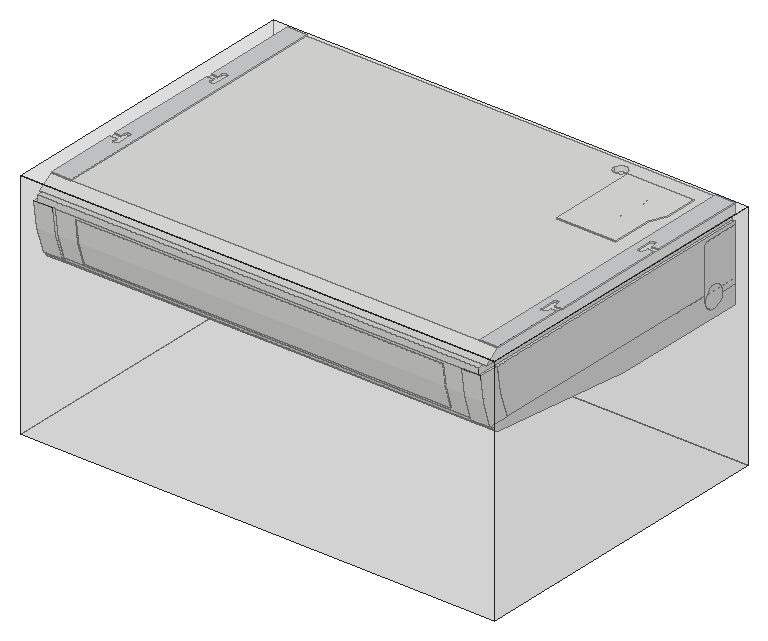
Revit family "outputfile", category 機械設備, Revit 2024
Family settings
  丸型コネクタ寸法 = 半径を使用
  パーツ タイプ = 標準
  OmniClass 番号 = 23.75.10.24.21.27.27
  OmniClass タイトル = Split System Air Conditioning Units
  作業面ベース = いいえ
  常に垂直 = はい
  ロード時にボイドで切り取り = いいえ
  注釈の向きを維持 = いいえ
  共有 = いいえ
  部屋計算ポイント = はい
Parameters (values of type "FXHQ32MAVE")
  Description = ""
  製造元 = "Daikin"
  書き出し IFC クラス(タイプ) = "IfcUnitaryEquipmentType"
  定義済み IFC タイプ(タイプ) = "AIRCONDITIONINGUNIT"
  Cost = 0
  モデル = "FXHQ32MAVE"
  Type Comments = ""
  Keynote = ""
  Type Image = (empty or 0)
  Assembly Code = ""
  r_Liquid Pipe Size = Liquid Pipe Size / 2  # 3.2 mm
  r_Gas Pipe Size = Gas Pipe Size / 2  # 6.35 mm
  r_Drain Pipe Size = Drain Pipe Size / 2  # 10.0 mm
  lw_Air suction grille = if(Width = 960.0 mm, (960.0 mm - 40.7 mm * 2) / 2 - 2.0 mm, if(Width = 1160.0 mm, (1160.0 mm - 40.7 mm * 2) / 2 - 2.0 mm, if(Width = 1400.0 mm, (1400.0 mm - 40.7 mm * 2) / 3, (960.0 mm - 40.7 mm * 2) / 2 - 2.0 mm)))  # 437.3 mm
  l_powersupply [instance] = if(Rear Right Connection_powersupply, 30.0 mm, 145.0 mm)  # 30.0 mm
  h_mountinghole = 2.0 mm  # constant formula
  angle_vertical_powersupply [instance] = if(Rear Right Connection_powersupply, 90.00°, 180.00°)  # 90.00°
  angle_vertical_drainpipe [instance] = if(or(Left Connection_drainpipe, Right Connection_drainpipe), 90.00°, if(Top Connection_drainpipe, 180.00°, -90.00°))  # -90.00°
  angle_horizontal_powersupply [instance] = if(Rear Right Connection_powersupply, 180.00°, 0.00°)  # 180.00°
  angle_horizontal_drainpipe [instance] = if(Right Connection_drainpipe, 90.00°, if(Left Connection_drainpipe, -90.00°, 0.00°))  # 0.00°
  Voltage_comment_60Hz = "220"
  Voltage_comment_50Hz = "220-240"
  Voltage_60Hz = 220 V
  Voltage_50Hz = 220 V
  URL = ""
  Top Connection_refrigerant [instance] = no
  Top Connection_powersupply [instance] = not(Rear Right Connection_powersupply)  # no
  Sound Power Level_H speed (dB) = 0
  Right Connection_refrigerant [instance] = no
  Rear Right Connection_refrigerant [instance] = yes
  Phase_60Hz = 1
  Phase_50Hz = 1
  Minimum Circuit Amps_60Hz = 0.9 A
  Minimum Circuit Amps_50Hz = 0.8 A
  Maximum Fuse Amps_60Hz = 15.0 A
  Maximum Fuse Amps_50Hz = 15.0 A
  Material_Casing = DAIKIN_White_Casing_indoorunit
  lw_powersupply [instance] = 220.0 mm  # constant formula
  lw_mountinghole = 20.0 mm  # constant formula
  lw_liquidpipe [instance] = if(not(Top Connection_refrigerant), 120.0 mm, 170.0 mm)  # 120.0 mm
  lw_gaspipe = 105.0 mm  # constant formula
  lw_drainpipe [instance] = if(Top Connection_drainpipe, 90.0 mm, if(or(Rear Left Connection_drainpipe, Left Connection_drainpipe), Width - 80.0 mm, 100.0 mm))  # 100.0 mm
  lh_powersupply = 145.0 mm  # constant formula
  lh_liquidpipe [instance] = if(Rear Right Connection_refrigerant, 110.0 mm, 90.0 mm)  # 110.0 mm
  lh_gaspipe [instance] = if(Rear Right Connection_refrigerant, 100.0 mm, 90.0 mm)  # 100.0 mm
  lh_drainpipe = 155.0 mm  # constant formula
  l_antena = 1.0 mm  # constant formula
  ld_powersupply = 30.0 mm  # constant formula
  ld_mountinghole_pitch = 260.0 mm  # constant formula
  ld_mountinghole = 210.0 mm  # constant formula
  ld_liquidpipe [instance] = if(Right Connection_refrigerant, 55.0 mm, if(Top Connection_refrigerant, 185.0 mm, 225.0 mm))  # 225.0 mm
  ld_gaspipe [instance] = if(Right Connection_refrigerant, 65.0 mm, if(Top Connection_refrigerant, 160.0 mm, 225.0 mm))  # 225.0 mm
  ld_drainpipe [instance] = if(or(Left Connection_drainpipe, Right Connection_drainpipe), 55.0 mm, if(Top Connection_drainpipe, 85.0 mm, 275.0 mm))  # 275.0 mm
  l_liquidpipe_length [instance] = if(Right Connection_refrigerant, 120.0 mm, if(Top Connection_refrigerant, 90.0 mm, 225.0 mm))  # 225.0 mm
  l_gaspipe_length [instance] = if(Right Connection_refrigerant, 105.0 mm, if(Top Connection_refrigerant, 90.0 mm, 225.0 mm))  # 225.0 mm
  l_drainpipe_length [instance] = if(Right Connection_drainpipe, 100.0 mm, if(Top Connection_drainpipe, 155.0 mm, if(Left Connection_drainpipe, 80.0 mm, 275.0 mm)))  # 275.0 mm
  h*** = 0.0 mm  # constant formula
  angle_vertical [instance] = if(Right Connection_refrigerant, 90.00°, if(Top Connection_refrigerant, 180.00°, -90.00°))  # -90.00°
  angle_horizontal [instance] = if(Right Connection_refrigerant, 90.00°, 0.00°)  # 0.00°
  Width = 960.0 mm
  Version = "ver.1.0"
  Unit Type = "Ceiling Suspended Type"
  Unit Mass Weight = 24.00 kg
  Unit Designation [instance] = ""
  Uniclass2015Version = "Products v1.30"
  Uniclass2015Title = "Variable refrigerant flow units"
  Uniclass2015Code = "Pr_70_65_03_94"
  Total Heating Capacity [instance] = 0.000 kW
  Total Cooling Capacity [instance] = 0.000 kW
  Top Connection_drainpipe [instance] = no
  Sound Pressure Level_M speed (dBA) = 0
  Sound Pressure Level_L speed (dBA) = 31
  Sound Pressure Level_H speed (dBA) = 36
  Series = "VRV Fan Coil Unit"
  Sensible Cooling Capacity [instance] = 0.000 kW
  Rear Right Connection_drainpipe [instance] = yes
  Rear Right Connection_powersupply [instance] = yes
  Right Connection_drainpipe [instance] = no
  Refrigerant Type = "R410A"
  Power Input (Heating) = 0.111 kW
  Power Input (Cooling) = 0.111 kW
  Option Accessory 3 [instance] = ""
  Option Accessory 2 [instance] = ""
  Option Accessory 1 [instance] = ""
  Nominal Heating Capacity = 4.000 kW
  Nominal Cooling Capacity = 3.600 kW
  Minimum Airflow = 600.00 m³/h
  Median Airflow = 0.00 m³/h
  Maximum Airflow = 720.00 m³/h
  Load Classification = HVAC
  Liquid Pipe Size = 6.4 mm
  Link_Nested Family [instance] = ""
  Rear Left Connection_drainpipe [instance] = no
  Left Connection_drainpipe [instance] = no
  IfcVersion = "0"
  IfcExportType = "AIRCONDITIONINGUNIT"
  IfcExportAs = "IfcUnitaryEquipmentType"
  Height = 195.0 mm
  Heating Entering Wet Bulb Temperature [instance] = 0.00 °C
  Heating Entering Dry Bulb Temperature [instance] = 0.00 °C
  Heating Ambient Wet Bulb Temperature [instance] = 0.00 °C
  Heating Ambient Dry Bulb Temperature [instance] = 0.00 °C
  Heat Exchanger Type = "Cross Fin Coil"
  Gas Pipe Size = 12.7 mm
  Frequency_60Hz = 60 Hz
  Frequency_50Hz = 50 Hz
  Fan Type = "Sirocco Fan"
  Fan Drive = "Direct Drive"
  FCU Tag No. [instance] = ""
  Drain Pipe Size = 20.0 mm
  Design Supply Airflow [instance] = 0.00 m³/h
  Design Outdoor Airflow [instance] = 0.00 m³/h
  Depth = 680.0 mm
  既定の高さ = 0.0 mm
  Cooling Entering Wet Bulb Temperature [instance] = 0.00 °C
  Cooling Entering Dry Bulb Temperature [instance] = 0.00 °C
  Cooling Ambient Wet Bulb Temperature [instance] = 0.00 °C
  Cooling Ambient Dry Bulb Temperature [instance] = 0.00 °C
  Clearance visibility [instance] = yes
  Clearance Top = 5.0 mm
  Clearance Right = 30.0 mm
  Clearance Rear = 0.0 mm
  Clearance Left = 30.0 mm
  Clearance Front = 0.0 mm
  Clearance Bottom = 300.0 mm
Reference planes
  plane 1 "Back": y = 0
  plane 2: z = 0
  plane 3 "Center (Left/Right)": x = 0
  plane 4 "Center (Front/Back)": y = -340
  plane 5 "Front": y = -680
  plane 6 "Left": x = -480
  plane 7 "Right": x = 480
  plane 8 "Top": z = 0
  plane 9 "Bottom": z = -195
  plane 10: y = -680
  plane 11: x = -510
  plane 12: x = 510
  plane 13: z = 5
  plane 14: z = -495
  plane 15: y = 0
  plane 16 "lw_mountinghole": x = -460
  plane 17 "lw_mountinghole2": x = 460
  plane 18 "ld_mountinghole": y = -210
  plane 19 "ld_mountinghole2": y = -470
  plane 20 "lw_gaspipe": x = 375
  plane 21 "ld_gaspipe": y = -225
  plane 22 "lw_liquidpipe": x = 360
  plane 23 "ld_liquidpipe": y = -225
  plane 24 "ld_drainpipe": y = -275
  plane 25 "lw_drainpipe": x = 380
  plane 26 "lw_powersupply": x = 260
  plane 27 "ld_powersupply": y = -30
  plane 28: x = -2
  plane 29: x = 2
  plane 30 "40.7": x = 439.3
  plane 31: x = -439.3
  plane 32 "lh_gaspipe": z = -100
  plane 33 "lh_liquidpipe": z = -110
  plane 34 "lh_drainpipe": z = -155
  plane 35 "lh_powersupply": z = -145
Forms (mm)
  Extrusion 1, solid, material "DAIKIN_White_Casing_indoorunit" <- "Material_Casing"
    sketch origin (0, 0, 0) x (0, 1, 0) y (0, 0, 1)
      loop
        line (0, 0) -> (-633.9, 0) -> (-664.9, -20) -> (0, -20) -> (0, 0)
    from -480 to 480
  Extrusion 2, solid, material "DAIKIN_White_Casing_indoorunit" <- "Material_Casing"
    sketch origin (0, 0, 0) x (0, 1, 0) y (0, 0, 1)
      loop
        line (0, -20) -> (-678.4, -20) -> (-678.4, -33) -> (0, -33) -> (0, -20)
    from -474 to 474
  Extrusion 3, solid, material "DAIKIN_White_Casing_indoorunit" <- "Material_Casing"
    sketch origin (0, 0, 0) x (0, 1, 0) y (0, 0, 1)
      loop
        line (0, -33) -> (-638.389, -33)
        arc (-638.389, -33) -> (-629.305, -88.783) -> (-610.271, -142) r 310.829
        line (-610.271, -142) -> (0, -142) -> (0, -33)
    from -480 to 480
  Extrusion 4, solid, material "DAIKIN_White_Casing_indoorunit" <- "Material_Casing"
    sketch origin (-480, 0, 0) x (0, 1, 0) y (0, 0, 1)
      loop
        line (0, -142) -> (-651.893, -142) -> (-647.876, -149.065)
        arc (-647.876, -149.065) -> (-641.446, -155.91) -> (-632.601, -159.063) r 19.989
        line (-632.601, -159.063) -> (-300.211, -194.208)
        arc (-300.211, -194.208) -> (-292.706, -194.802) -> (-285.179, -195) r 142.962
        line (-285.179, -195) -> (0, -195) -> (0, -142)
    from 0 to 40.7
  Extrusion 5, solid, material "DAIKIN_White_Casing_indoorunit" <- "Material_Casing"
    sketch origin (480, 0, 0) x (0, 1, 0) y (0, 0, 1)
      loop
        line (-638.389, -33) -> (-680.077, -33)
        arc (-680.077, -33) -> (-672.921, -88.644) -> (-655.583, -142) r 301.599
        line (-655.583, -142) -> (-610.271, -142)
        arc (-610.271, -142) -> (-629.305, -88.783) -> (-638.389, -33) r 310.829
    from 0 to -40.7
  Extrusion 6, solid, material "DAIKIN_White_Casing_indoorunit" <- "Material_Casing"
    sketch origin (-480, 0, 0) x (0, 1, 0) y (0, 0, 1)
      loop
        line (-655.583, -142) -> (-610.271, -142)
        arc (-610.271, -142) -> (-629.305, -88.783) -> (-638.389, -33) r 310.829
        line (-638.389, -33) -> (-680.077, -33)
        arc (-680.077, -33) -> (-672.921, -88.644) -> (-655.583, -142) r 301.599
    from 0 to 40.7
  Extrusion 7, solid, material "DAIKIN_White_Grille_indoorunit"
    sketch origin (0, 0, 0) x (0, 1, 0) y (0, 0, 1)
      loop
        line (0, -190) -> (-273.138, -190) -> (-273.138, -195) -> (0, -195) -> (0, -190)
    from -2 to 2
  Extrusion 8, solid, material "DAIKIN_White_Grille_indoorunit"
    sketch origin (0, 0, 0) x (0, 1, 0) y (0, 0, 1)
      loop
        line (0, -190) -> (-273.138, -190) -> (-273.138, -195) -> (0, -195) -> (0, -190)
    from -439.3 to -2
  Extrusion 9, solid, material "DAIKIN_White_Grille_indoorunit"
    sketch origin (0, 0, 0) x (0, 1, 0) y (0, 0, 1)
      loop
        line (0, -190) -> (-273.138, -190) -> (-273.138, -195) -> (0, -195) -> (0, -190)
    from 2 to 439.3
  Extrusion 10, solid
    sketch origin (0, 0, 0) x (-1, 0, 0) y (0, -1, 0)
      loop
        line (454, 196) -> (454, 224)
        arc (454, 224) -> (460, 230) -> (466, 224) r 6
        line (466, 224) -> (466, 216) -> (480, 216) -> (480, 464) -> (466, 464) -> (466, 456)
        arc (466, 456) -> (460, 450) -> (454, 456) r 6
        line (454, 456) -> (454, 484.69)
        arc (454, 484.69) -> (460, 490.04) -> (466, 484.69) r 6.04
        line (466, 484.69) -> (466, 476) -> (480, 476) -> (480, 633.9) -> (439.3, 633.9) -> (439.3, 0) -> (480, 0) -> (480, 204) -> (466, 204) -> (466, 196)
        arc (466, 196) -> (460, 190) -> (454, 196) r 6
      loop
        arc (-454, 196) -> (-460, 190) -> (-466, 196) r 6
        line (-466, 196) -> (-466, 204) -> (-480, 204) -> (-480, 0) -> (-439.3, 0) -> (-439.3, 633.9) -> (-480, 633.9) -> (-480, 476) -> (-466, 476) -> (-466, 484.69)
        arc (-466, 484.69) -> (-460, 490.04) -> (-454, 484.69) r 6.04
        line (-454, 484.69) -> (-454, 456)
        arc (-454, 456) -> (-460, 450) -> (-466, 456) r 6
        line (-466, 456) -> (-466, 464) -> (-480, 464) -> (-480, 216) -> (-466, 216) -> (-466, 224)
        arc (-466, 224) -> (-460, 230) -> (-454, 224) r 6
        line (-454, 224) -> (-454, 196)
    from 0 to 2
  Extrusion 11, solid, material "DAIKIN_White_Casing_indoorunit" <- "Material_Casing"
    sketch origin (0, 0, 0) x (0, 1, 0) y (0, 0, 1)
      loop
        line (-651.659, -142) -> (-610.271, -142)
        arc (-610.271, -142) -> (-629.305, -88.783) -> (-638.389, -33) r 310.829
        line (-638.389, -33) -> (-676.476, -33)
        arc (-676.476, -33) -> (-669.224, -88.674) -> (-651.659, -142) r 298
    from -439.3 to 439.3
  Extrusion 12, void
    sketch origin (0, 0, 0) x (0, 1, 0) y (0, 0, 1)
      loop
        arc (-676.086, -41) -> (-669.058, -89.401) -> (-654.207, -136) r 298
        line (-654.207, -136) -> (-645.465, -136)
        arc (-645.465, -136) -> (-660.075, -89.305) -> (-667.848, -41) r 340.829
        line (-667.848, -41) -> (-676.086, -41)
    from -394.3 to 394.3
  Extrusion 13, solid, material "DAIKIN_White_Casing_indoorunit" <- "Material_Casing"
    sketch origin (0, 0, 0) x (0, 1, 0) y (0, 0, 1)
      loop
        line (-667.848, -41) -> (-676.086, -41)
        arc (-676.086, -41) -> (-669.058, -89.401) -> (-654.207, -136) r 298
        line (-654.207, -136) -> (-645.465, -136)
        arc (-645.465, -136) -> (-660.075, -89.305) -> (-667.848, -41) r 340.829
    from -394.3 to 394.3
  Extrusion 14, solid, material "DAIKIN_White_Casing_indoorunit" <- "Material_Casing"
    sketch origin (0, 0, 0) x (1, 0, 0) y (0, 0, 1)
      loop
        line (275, -60) -> (275, -125) -> (355, -175) -> (420, -175) -> (420, -60) -> (275, -60)
    from 0 to 1
  Extrusion 15, void
    sketch origin (0, 0, 0) x (1, 0, 0) y (0, 0, 1)
      loop
        circle (375, -130) r 40
    from 0 to 10
  Extrusion 16, void
    sketch origin (0, 0, 0) x (1, 0, 0) y (0, 0, 1)
      loop
        arc (-410, -135) -> (-430, -155) -> (-410, -175) r 20
        line (-410, -175) -> (-390, -175)
        arc (-390, -175) -> (-370, -155) -> (-390, -135) r 20
        line (-390, -135) -> (-410, -135)
    from 0 to 10
  Extrusion 17, solid, material "DAIKIN_White_Casing_indoorunit" <- "Material_Casing"
    sketch origin (0, 0, 0) x (-1, 0, 0) y (0, -1, 0)
      loop
        line (-280, 36) -> (-280, 228) -> (-407, 228) -> (-407, 138) -> (-422, 106) -> (-422, 36) -> (-280, 36)
    from 0 to 1.9
  Extrusion 18, solid, material "DAIKIN_White_Casing_indoorunit" <- "Material_Casing"
    sketch origin (480, 0, 0) x (0, 1, 0) y (0, 0, 1)
      loop
        arc (-75, -40) -> (-78.536, -41.464) -> (-80, -45) r 5
        line (-80, -45) -> (-80, -155) -> (0, -155) -> (0, -40) -> (-75, -40)
    from 0 to -2
  Extrusion 19, solid, material "DAIKIN_White_Casing_indoorunit" <- "Material_Casing"
    sketch origin (480, 0, 0) x (0, 1, 0) y (0, 0, 1)
      loop
        circle (-55, -155) r 22.5
    from 0 to -2
  Extrusion 20, void
    sketch origin (0, 0, 0) x (1, 0, 0) y (0, 0, 1)
      loop
        line (420, -60) -> (275, -60) -> (275, -125) -> (355, -175) -> (420, -175) -> (420, -60)
    from 0 to 1
  Extrusion 21, solid, material "DAIKIN_White_Casing_indoorunit" <- "Material_Casing"
    sketch origin (-480, 0, 0) x (0, 1, 0) y (0, 0, 1)
      loop
        circle (-55, -155) r 22.5
    from 0 to 2
  Extrusion 22, void
    sketch origin (0, 0, 0) x (-1, 0, 0) y (0, -1, 0)
      loop
        circle (-390, 85) r 30
      loop
        circle (-375, 160) r 18
      loop
        circle (-310, 185) r 13
    from 0 to -10
  Extrusion 23, solid, material "DAIKIN_White_Casing_indoorunit" <- "Material_Casing"
    sketch origin (0, 0, 0) x (0, 1, 0) y (0, 0, 1)
      loop
        line (-632.601, -159.063) -> (-300.211, -194.208)
        arc (-300.211, -194.208) -> (-292.706, -194.802) -> (-285.179, -195) r 142.962
        line (-285.179, -195) -> (-273.138, -195) -> (-273.138, -190) -> (0, -190) -> (0, -142) -> (-651.893, -142) -> (-647.876, -149.065)
        arc (-647.876, -149.065) -> (-641.446, -155.91) -> (-632.601, -159.063) r 19.989
    from -439.3 to 439.3
  Extrusion 24, solid, material "DAIKIN_White_Casing_indoorunit" <- "Material_Casing"
    sketch origin (480, 0, 0) x (0, 1, 0) y (0, 0, 1)
      loop
        line (-632.601, -159.063) -> (-300.211, -194.208)
        arc (-300.211, -194.208) -> (-292.706, -194.802) -> (-285.179, -195) r 142.962
        line (-285.179, -195) -> (0, -195) -> (0, -142) -> (-651.893, -142) -> (-647.876, -149.065)
        arc (-647.876, -149.065) -> (-641.446, -155.91) -> (-632.601, -159.063) r 19.989
    from 0 to -40.7
  Extrusion 25, void
    sketch origin (0, 0, 0) x (-1, 0, 0) y (0, -1, 0)
      loop
        circle (-260, 30) r 14.5
    from 0 to -10
  Extrusion 26, void
    sketch origin (0, 0, 0) x (1, 0, 0) y (0, 0, 1)
      loop
        circle (260, -145) r 14.5
    from 0 to 10
Cuts and joins
  Extrusion 12 cuts Extrusion 11
  Extrusion 15, Extrusion 16, Extrusion 20, Extrusion 26 cuts Extrusion 3
  Extrusion 22, Extrusion 25 cuts Extrusion 1
  Extrusion 15, Extrusion 16, Extrusion 20, Extrusion 26 cuts Extrusion 23
Dimensions and locks
  equal spacing: plane 6 "Left", plane 3 "Center (Left/Right)", plane 7 "Right"
  "Width": plane 6 "Left" to plane 7 "Right"
  "Depth": plane 5 "Front" to plane 1 "Back"
  "Height": plane 8 "Top" to plane 9 "Bottom"
  "Clearance Front": plane 10 to plane 5 "Front"
  "Clearance Left": plane 11 to plane 6 "Left"
  "Clearance Right": plane 7 "Right" to plane 12
  "Clearance Top": plane 13 to plane 8 "Top"
  "Clearance Bottom": plane 9 "Bottom" to plane 14
  "Clearance Rear": plane 1 "Back" to plane 15
  "ld_mountinghole": plane 18 "ld_mountinghole" to plane 1 "Back"
  "ld_mountinghole_pitch": plane 18 "ld_mountinghole" to plane 19 "ld_mountinghole2"
  "lw_mountinghole": plane 6 "Left" to plane 16 "lw_mountinghole"
  "lw_gaspipe": plane 20 "lw_gaspipe" to plane 7 "Right"
  "ld_gaspipe": plane 1 "Back" to plane 21 "ld_gaspipe"
  "lw_liquidpipe": plane 22 "lw_liquidpipe" to plane 7 "Right"
  "ld_liquidpipe": plane 1 "Back" to plane 23 "ld_liquidpipe"
  "lw_drainpipe": plane 25 "lw_drainpipe" to plane 7 "Right"
  "ld_drainpipe": plane 24 "ld_drainpipe" to plane 1 "Back"
  "lw_powersupply": plane 26 "lw_powersupply" to plane 7 "Right"
  "ld_powersupply": plane 1 "Back" to plane 27 "ld_powersupply"
  "lw_mountinghole": plane 17 "lw_mountinghole2" to plane 7 "Right"
  equal spacing: plane 5 "Front", plane 4 "Center (Front/Back)", plane 1 "Back"
  locked: Extrusion 1 sketch curve to Extrusion 1 sketch curve at 20
  locked: Extrusion 1 sketch curve to Extrusion 1 sketch curve at 633.9
  locked: Extrusion 1 sketch curve to Extrusion 1 sketch curve at 664.9
  locked: Extrusion 2 sketch curve to Extrusion 2 sketch curve at 13
  locked: Extrusion 2 sketch curve to Extrusion 2 sketch curve at 678.4
  locked: plane 6 "Left" to Extrusion 2 at 6
  locked: plane 7 "Right" to Extrusion 2 at 6
  locked: Extrusion 3 sketch curve to Extrusion 3 sketch curve at 610.271
  locked: Extrusion 3 sketch curve to Extrusion 3 sketch curve at 638.389
  locked: Extrusion 3 sketch curve to Extrusion 3 sketch curve at 328.329
  locked: plane 8 "Top" to Extrusion 3 sketch curve at 11.143
  locked: plane 30 "40.7" to plane 7 "Right" at 40.7
  locked: plane 6 "Left" to plane 31 at 40.7
  "lw_Air suction grille": plane 31 to plane 28
  "lw_Air suction grille": plane 29 to plane 30 "40.7"
  locked: Extrusion 10 sketch curve to Extrusion 10 sketch curve at 12  (x4)
  equal spacing: Extrusion 10 sketch curve, plane 18 "ld_mountinghole", Extrusion 10 sketch curve  (x2)
  equal spacing: Extrusion 10 sketch curve, plane 19 "ld_mountinghole2", Extrusion 10 sketch curve  (x2)
  Extrusion 10 sketch curve to plane 19 "ld_mountinghole2" to Extrusion 10 sketch curve = 14.0 mm locked, 14.0 mm locked  (x2)
  Extrusion 10 sketch curve to plane 18 "ld_mountinghole" to Extrusion 10 sketch curve = 14.0 mm locked, 14.0 mm locked  (x2)
  locked: Extrusion 10 sketch curve to Extrusion 10 sketch curve at 633.9  (x2)
  locked: plane 31 to Extrusion 12 at 45
  locked: Extrusion 12 to plane 30 "40.7" at 45
  locked: Extrusion 14 sketch curve to Extrusion 14 sketch curve at 115
  locked: Extrusion 14 sketch curve to Extrusion 14 sketch curve at 145
  locked: Extrusion 14 sketch curve to Extrusion 14 sketch curve at 65  (x2)
  locked: plane 8 "Top" to Extrusion 14 sketch curve at 60
  locked: Extrusion 14 sketch curve to plane 7 "Right" at 60
  locked: plane 7 "Right" to Extrusion 15 sketch curve at 105
  locked: plane 8 "Top" to Extrusion 15 sketch curve at 130
  locked: Extrusion 16 sketch curve to plane 6 "Left" at 70
  plane 8 "Top" to Extrusion 16 sketch curve to Extrusion 16 sketch curve = 135.0 mm locked, 40.0 mm locked
  locked: Extrusion 16 sketch curve to Extrusion 16 sketch curve at 20
  Extrusion 17 sketch curve to Extrusion 17 sketch curve to plane 7 "Right" = 142.0 mm locked, 58.0 mm locked
  Extrusion 17 sketch curve to Extrusion 17 sketch curve to plane 1 "Back" = 192.0 mm locked, 36.0 mm locked
  locked: Extrusion 17 sketch curve to Extrusion 17 sketch curve at 127
  locked: Extrusion 17 sketch curve to Extrusion 17 sketch curve at 90
  plane 8 "Top" to Extrusion 18 sketch curve to Extrusion 18 sketch curve = 40.0 mm locked, 115.0 mm locked
  locked: Extrusion 18 sketch curve to Extrusion 18 sketch curve at 80
  locked: Extrusion 19 sketch curve to plane 1 "Back" at 55
  locked: plane 8 "Top" to Extrusion 19 sketch curve at 155
  locked: Extrusion 21 sketch curve to plane 1 "Back" at 55
  locked: plane 8 "Top" to Extrusion 21 sketch curve at 155
  locked: Extrusion 22 sketch curve to plane 7 "Right" at 90
  locked: Extrusion 22 sketch curve to plane 1 "Back" at 85
  locked: Extrusion 22 sketch curve to plane 7 "Right" at 105
  locked: Extrusion 22 sketch curve to plane 1 "Back" at 160
  locked: Extrusion 22 sketch curve to plane 7 "Right" at 170
  locked: Extrusion 22 sketch curve to plane 1 "Back" at 185
  locked: Extrusion 5 sketch curve to Extrusion 5 sketch curve at 109
  "lh_powersupply": plane 8 "Top" to plane 35 "lh_powersupply"
  "lh_liquidpipe": plane 8 "Top" to plane 33 "lh_liquidpipe"
  "lh_gaspipe": plane 8 "Top" to plane 32 "lh_gaspipe"
  "lh_drainpipe": plane 8 "Top" to plane 34 "lh_drainpipe"
  locked: Extrusion 4 sketch curve to plane 1 "Back" at 285.179
  locked: Extrusion 4 sketch curve to Extrusion 4 sketch curve at 53
  locked: Extrusion 9 sketch curve to plane 1 "Back" at 273.138
  locked: Extrusion 8 sketch curve to plane 1 "Back" at 273.138
  locked: Extrusion 7 sketch curve to plane 1 "Back" at 273.138
  locked: Extrusion 25 sketch curve to plane 1 "Back" at 30
  locked: Extrusion 25 sketch curve to plane 7 "Right" at 220
  locked: plane 7 "Right" to Extrusion 26 sketch curve at 220
  locked: plane 8 "Top" to Extrusion 26 sketch curve at 145
  locked: nested 10 to plane 7 "Right" at 120
  aligned and locked: level to plane 2
  aligned and locked: nested 2 to plane 18 "ld_mountinghole"
  aligned and locked: plane 16 "lw_mountinghole" to nested 2
  aligned and locked: nested 1 to plane 19 "ld_mountinghole2"
  aligned and locked: plane 16 "lw_mountinghole" to nested 1
  aligned and locked: nested 4 to plane 18 "ld_mountinghole"
  aligned and locked: plane 17 "lw_mountinghole2" to nested 4
  aligned and locked: plane 17 "lw_mountinghole2" to nested 3
  aligned and locked: nested 3 to plane 19 "ld_mountinghole2"
  aligned and locked: plane 1 "Back" to Extrusion 1 sketch curve
  aligned and locked: plane 8 "Top" to Extrusion 1 sketch curve
  aligned and locked: Extrusion 1 to plane 6 "Left"
  aligned and locked: plane 7 "Right" to Extrusion 1
  aligned and locked: Extrusion 2 sketch curve to Extrusion 1  (x2)
  aligned and locked: plane 1 "Back" to Extrusion 3 sketch curve
  aligned and locked: Extrusion 3 to plane 6 "Left"
  aligned and locked: plane 7 "Right" to Extrusion 3
  aligned and locked: plane 1 "Back" to Extrusion 4 sketch curve
  aligned and locked: Extrusion 4 to plane 6 "Left"
  aligned and locked: Extrusion 5 sketch curve to Extrusion 3
  aligned and locked: Extrusion 5 to Extrusion 6 sketch curve
  aligned and locked: Extrusion 6 sketch curve to Extrusion 5  (x2)
  aligned and locked: Extrusion 7 to plane 28
  aligned and locked: plane 29 to Extrusion 7
  aligned and locked: plane 28 to Extrusion 8
  aligned and locked: Extrusion 8 to plane 31
  aligned and locked: Extrusion 9 sketch curve to Extrusion 7  (x3)
  aligned and locked: Extrusion 9 to plane 29
  aligned and locked: plane 30 "40.7" to Extrusion 9
  aligned and locked: plane 16 "lw_mountinghole" to Extrusion 10 sketch curve  (x4)
  aligned and locked: Extrusion 10 sketch curve to plane 31
  aligned and locked: plane 6 "Left" to Extrusion 10 sketch curve  (x3)
  aligned and locked: plane 1 "Back" to Extrusion 10 sketch curve
  aligned and locked: Extrusion 5 to Extrusion 11 sketch curve
  aligned and locked: Extrusion 11 sketch curve to Extrusion 5
  aligned and locked: plane 30 "40.7" to Extrusion 11
  aligned and locked: Extrusion 11 to plane 31
  aligned and locked: Extrusion 12 sketch curve to Extrusion 11
  aligned and locked: Extrusion 13 sketch curve to cut or joined group of Extrusion 11, Extrusion 12  (x4)
  aligned and locked: Extrusion 13 to cut or joined group of Extrusion 11, Extrusion 12  (x2)
  aligned and locked: plane 15 to nested 5
  aligned and locked: nested 5 to plane 11
  aligned and locked: nested 5 to plane 10
  aligned and locked: nested 5 to plane 12
  aligned and locked: plane 13 to nested 5
  aligned and locked: plane 14 to nested 5
  aligned and locked: plane 1 "Back" to Extrusion 18 sketch curve
  aligned and locked: Extrusion 20 sketch curve to Extrusion 14  (x5)
  aligned and locked: Extrusion 5 sketch curve to Extrusion 2
  aligned and locked: plane 20 "lw_gaspipe" to nested 6
  aligned and locked: nested 6 to plane 21 "ld_gaspipe"
  aligned and locked: plane 22 "lw_liquidpipe" to nested 7
  aligned and locked: nested 7 to plane 23 "ld_liquidpipe"
  aligned and locked: plane 25 "lw_drainpipe" to nested 8
  aligned and locked: nested 8 to plane 24 "ld_drainpipe"
  aligned and locked: Extrusion 4 sketch curve to plane 9 "Bottom"
  aligned and locked: Extrusion 23 sketch curve to Extrusion 4  (x3)
  aligned and locked: Extrusion 4 to Extrusion 23 sketch curve
  aligned and locked: Extrusion 23 sketch curve to Extrusion 9  (x2)
  aligned and locked: Extrusion 23 to plane 31
  aligned and locked: plane 30 "40.7" to Extrusion 23
  aligned and locked: Extrusion 24 sketch curve to Extrusion 4  (x4)
  aligned and locked: Extrusion 24 to plane 30 "40.7"
  aligned and locked: plane 26 "lw_powersupply" to nested 9
  aligned and locked: nested 9 to plane 27 "ld_powersupply"
  aligned and locked: nested 10 to Extrusion 24
  aligned and locked: level to plane 8 "Top"
Automatic sketch dimensions
  Extrusion 3 sketch curve to plane 8 "Top" = 33.0 mm
  Extrusion 7 sketch curve to plane 9 "Bottom" = 0.0 mm
  Extrusion 7 sketch curve to plane 1 "Back" = 0.0 mm
  plane 9 "Bottom" to Extrusion 7 sketch curve = 5.0 mm
  Extrusion 8 sketch curve to plane 9 "Bottom" = 0.0 mm
  Extrusion 8 sketch curve to plane 1 "Back" = 0.0 mm
  plane 9 "Bottom" to Extrusion 8 sketch curve = 5.0 mm
  Extrusion 5 sketch curve to plane 5 "Front" = 24.417 mm
  plane 1 "Back" to Extrusion 10 sketch curve = 0.0 mm
  Extrusion 10 sketch curve to plane 7 "Right" = 0.0 mm  (x3)
  Extrusion 10 sketch curve to plane 17 "lw_mountinghole2" = 0.0 mm  (x4)
  Extrusion 10 sketch curve to plane 30 "40.7" = 0.0 mm
  plane 17 "lw_mountinghole2" to Extrusion 10 sketch curve = 6.0 mm  (x2)
  Extrusion 10 sketch curve to Extrusion 10 sketch curve = 6.0 mm  (x2)
  plane 16 "lw_mountinghole" to Extrusion 10 sketch curve = 6.0 mm  (x2)
  Extrusion 10 sketch curve to Extrusion 10 sketch curve = 0.69 mm  (x2)
  Extrusion 11 sketch curve to plane 5 "Front" = 28.341 mm
  Extrusion 11 sketch curve to plane 5 "Front" = 3.524 mm
  Extrusion 11 sketch curve to plane 8 "Top" = 22.519 mm
  Extrusion 12 sketch curve to plane 5 "Front" = 34.535 mm
  Extrusion 12 sketch curve to Extrusion 12 sketch curve = 8.742 mm
  Extrusion 12 sketch curve to plane 5 "Front" = 12.152 mm
  Extrusion 12 sketch curve to plane 5 "Front" = 3.914 mm
  Extrusion 12 sketch curve to plane 8 "Top" = 11.143 mm
  Extrusion 17 sketch curve to Extrusion 17 sketch curve = 32.0 mm
  Extrusion 18 sketch curve to Extrusion 18 sketch curve = 5.0 mm
  Extrusion 11 sketch curve to plane 8 "Top" = 33.0 mm
  plane 9 "Bottom" to Extrusion 4 sketch curve = 0.792 mm
  Extrusion 4 sketch curve to Extrusion 4 sketch curve = 15.032 mm
  Extrusion 4 sketch curve to plane 34 "lh_drainpipe" = 4.063 mm
  plane 34 "lh_drainpipe" to Extrusion 4 sketch curve = 5.935 mm
  Extrusion 4 sketch curve to Extrusion 4 sketch curve = 4.017 mm
  plane 9 "Bottom" to Extrusion 23 sketch curve = 0.792 mm
  Extrusion 23 sketch curve to Extrusion 23 sketch curve = 2.102 mm
  Extrusion 23 sketch curve to Extrusion 23 sketch curve = 4.017 mm
  plane 34 "lh_drainpipe" to Extrusion 23 sketch curve = 5.935 mm
  plane 9 "Bottom" to Extrusion 24 sketch curve = 0.792 mm
  Extrusion 24 sketch curve to Extrusion 24 sketch curve = 2.102 mm
  Extrusion 24 sketch curve to Extrusion 24 sketch curve = 4.017 mm
  plane 34 "lh_drainpipe" to Extrusion 24 sketch curve = 5.935 mm
  Extrusion 5 sketch curve to plane 8 "Top" = 22.519 mm
  plane 5 "Front" to Extrusion 5 sketch curve = 0.077 mm
  plane 5 "Front" to Extrusion 6 sketch curve = 0.077 mm
  radius of Extrusion 15 sketch curve = 40.0 mm
  radius of Extrusion 19 sketch curve = 22.5 mm
  radius of Extrusion 21 sketch curve = 22.5 mm
  radius of Extrusion 22 sketch curve = 30.0 mm
  radius of Extrusion 22 sketch curve = 18.0 mm
  radius of Extrusion 22 sketch curve = 13.0 mm
  radius of Extrusion 25 sketch curve = 14.5 mm
  radius of Extrusion 26 sketch curve = 14.5 mm
Nested families
  nested 1: "daikin_mountinghole" at (-460, -470, 0), l_antenna <- "l_antena", Link_Nested Family <- "Link_Nested Family", h_mountinghole <- "h_mountinghole", type "daikin_mountinghole"
    with show yes, l_antenna 1.0 mm, h_mountinghole 2.0 mm, Link_Nested Family ""
  nested 2: "daikin_mountinghole" at (-460, -210, 0), l_antenna <- "l_antena", Link_Nested Family <- "Link_Nested Family", h_mountinghole <- "h_mountinghole", type "daikin_mountinghole"
    with show yes, l_antenna 1.0 mm, h_mountinghole 2.0 mm, Link_Nested Family ""
  nested 3: "daikin_mountinghole" at (460, -470, 0), l_antenna <- "l_antena", Link_Nested Family <- "Link_Nested Family", h_mountinghole <- "h_mountinghole", type "daikin_mountinghole"
    with show yes, l_antenna 1.0 mm, h_mountinghole 2.0 mm, Link_Nested Family ""
  nested 4: "daikin_mountinghole" at (460, -210, 0), Link_Nested Family <- "Link_Nested Family", l_antenna <- "l_antena", h_mountinghole <- "h_mountinghole", type "daikin_mountinghole"
    with show yes, l_antenna 1.0 mm, h_mountinghole 2.0 mm, Link_Nested Family ""
  nested 5: "daikin_clearancespace" at (0, -340, -244.881), show <- "Clearance visibility", visible <- "Clearance visibility", Link_Nested Family <- "Link_Nested Family", type "daikin_clearancespace"
    with width 1020.0 mm, show yes, height 500.0 mm, depth 680.0 mm, Link_Nested Family ""
  nested 6: "daikin_connector_rotate3" at (375, -225, -100), radius <- "r_Gas Pipe Size", length <- "l_gaspipe_length", angle_vertical <- "angle_vertical", angle_horizontal <- "angle_horizontal", type "daikin_connector_rotate3"
    with show no, radius 6.35 mm, length 225.0 mm, angle_vertical -90.00°, angle_horizontal 0.00°
  nested 7: "daikin_connector_rotate3" at (360, -225, -110), radius <- "r_Liquid Pipe Size", length <- "l_liquidpipe_length", angle_vertical <- "angle_vertical", angle_horizontal <- "angle_horizontal", type "daikin_connector_rotate3"
    with show no, radius 3.2 mm, length 225.0 mm, angle_vertical -90.00°, angle_horizontal 0.00°
  nested 8: "daikin_connector_rotate3" at (380, -275, -155), radius <- "r_Drain Pipe Size", length <- "l_drainpipe_length", angle_vertical <- "angle_vertical_drainpipe", angle_horizontal <- "angle_horizontal_drainpipe", type "daikin_connector_rotate3"
    with show no, radius 10.0 mm, length 275.0 mm, angle_vertical -90.00°, angle_horizontal 0.00°
  nested 9: "daikin_connector_rotate3" at (260, -30, -145), angle_vertical <- "angle_vertical_powersupply", angle_horizontal <- "angle_horizontal_powersupply", length <- "l_powersupply", type "daikin_connector_rotate3"
    with show no, radius 10.0 mm, length 30.0 mm, angle_vertical 90.00°, angle_horizontal 180.00°
  nested 10: "daikin_logo_plane_w40" at (360, -594.246, -163.119) x (1, 0, 0) z (0, -0.1051, -0.9945), type "daikin_logo_plane_w40"
    with show_logo yes
Connectors
  piping at (380, 0, -155), diameter 20, driven by "r_Drain Pipe Size"
    settings: on nested 8, index 1, connector inside diameter 609.6 mm, connector length 0.0 mm, flow factor 0, pipe flow 0.00 m³/h, pressure drop 0.0 Pa, fitting loss kfactor 0, connector angle 0.00°, fixture units 0, engagement length 0.0 mm, angle of deflection 0.00°, flow configuration 1, flow direction 2, fitting loss method 4, system type 16, joint type 0, gender type 0, connector reference index -1, connector utility 0, adjustable connector no, is connector primary yes, connector description "Condensate Drain Piping"
  piping at (375, 0, -100), diameter 12.7, driven by "r_Gas Pipe Size"
    settings: on nested 6, index 2, connector inside diameter 609.6 mm, connector length 0.0 mm, flow factor 0, pipe flow 0.00 m³/h, pressure drop 0.0 Pa, fitting loss kfactor 0, connector angle 0.00°, fixture units 0, engagement length 0.0 mm, angle of deflection 0.00°, flow configuration 1, flow direction 2, fitting loss method 0, system type 29, joint type 0, gender type 0, connector reference index -1, connector utility 0, adjustable connector no, is connector primary no, connector description "Refrigerant Gas Piping"
  piping at (360, 0, -110), diameter 6.4, driven by "r_Liquid Pipe Size"
    settings: on nested 7, index 3, connector inside diameter 609.6 mm, connector length 0.0 mm, flow factor 0, pipe flow 0.00 m³/h, pressure drop 0.0 Pa, fitting loss kfactor 0, connector angle 0.00°, fixture units 0, engagement length 0.0 mm, angle of deflection 0.00°, flow configuration 1, flow direction 1, fitting loss method 0, system type 29, joint type 0, gender type 0, connector reference index -1, connector utility 0, adjustable connector no, is connector primary no, connector description "Refrigerant Liquid Piping"
  electrical at (260, 0, -145), driven by "Load Classification"
    settings: on nested 9, index 4, voltage 0 V, apparent load 0 VA, apparent load phase1 0 VA, apparent load phase2 0 VA, apparent load phase3 0 VA, power factor 1, load classification "HVAC", number of poles 1, system type 30, power factor state 1, is connector primary yes, connector utility no, sub classification motor no, connector description "Power Supply"
Definition of nested family "daikin_clearancespace"
  Parameters (values of type "daikin_clearancespace")
    width [instance] = 1823.963 mm
    show [instance] = yes
    material = none
    height [instance] = 1359.762 mm
    depth [instance] = 880.0 mm
    Default Elevation = 0.0 mm
    Link_Nested Family [instance] = ""
  Reference planes
    plane 1 "Center (Front/Back)": y = 0
    plane 2 "Center (Elevation)": z = -0.119
    plane 3 "Center (Left/Right)": x = 0
    plane 4: y = 440
    plane 5: y = -440
    plane 6 "Right": x = 911.982
    plane 7 "Left": x = -911.982
    plane 8 "Top": z = 679.762
    plane 9 "Bottom": z = -680
  Forms (mm)
    Extrusion 1, solid, material <- "material", visible <- "show"
      sketch origin (0, 0, 0) x (1, 0, 0) y (0, 1, 0)
        loop
          line (-911.982, 440) -> (-911.982, -440) -> (911.982, -440) -> (911.982, 440) -> (-911.982, 440)
      from -680 to 679.762
  Lines and regions (mm)
    symbolic lines, visible <- "show"
      curve 1: line (911.982, 440, 0) -> (-911.982, 440, 0)
      curve 2: line (-911.982, 440, 0) -> (-911.982, -440, 0)
      curve 3: line (-911.982, -440, 0) -> (911.982, -440, 0)
      curve 4: line (911.982, -440, 0) -> (911.982, 440, 0)
      curve 5: line (911.982, 0, 679.762) -> (-911.982, 0, 679.762)
      curve 6: line (911.982, 0, -680) -> (911.982, 0, 679.762)
      curve 7: line (-911.982, 0, -680) -> (911.982, 0, -680)
      curve 8: line (-911.982, 0, 679.762) -> (-911.982, 0, -680)
      curve 9: line (0, 440, 679.762) -> (0, -440, 679.762)
      curve 10: line (0, -440, 679.762) -> (0, -440, -680)
      curve 11: line (0, 440, -680) -> (0, 440, 679.762)
      curve 12: line (0, -440, -680) -> (0, 440, -680)
  Dimensions and locks
    "width": plane 7 "Left" to plane 6 "Right"
    "depth": plane 4 to plane 5
    "height": plane 8 "Top" to plane 9 "Bottom"
    equal spacing: plane 7 "Left", plane 3 "Center (Left/Right)", plane 6 "Right"
    equal spacing: plane 4, plane 1 "Center (Front/Back)", plane 5
    equal spacing: plane 8 "Top", plane 2 "Center (Elevation)", plane 9 "Bottom"
    aligned and locked: level to plane 2 "Center (Elevation)"
    aligned and locked: Extrusion 1 sketch curve to plane 4
    aligned and locked: plane 7 "Left" to Extrusion 1 sketch curve
    aligned and locked: Extrusion 1 sketch curve to plane 5
    aligned and locked: Extrusion 1 sketch curve to plane 6 "Right"
    aligned and locked: plane 8 "Top" to Extrusion 1
    aligned and locked: curve 1 to Extrusion 1
    aligned and locked: curve 2 to Extrusion 1
    aligned and locked: curve 3 to Extrusion 1
    aligned and locked: curve 4 to Extrusion 1
    aligned and locked: curve 5 to Extrusion 1
    aligned and locked: curve 6 to Extrusion 1
    aligned and locked: curve 7 to Extrusion 1
    aligned and locked: curve 8 to Extrusion 1
    aligned and locked: curve 9 to Extrusion 1
    aligned and locked: curve 10 to Extrusion 1
    aligned and locked: curve 11 to Extrusion 1
    aligned and locked: curve 12 to Extrusion 1
    aligned and locked: Extrusion 1 to plane 9 "Bottom"
Definition of nested family "daikin_logo_plane_w40"
  Parameters (values of type "daikin_logo_plane_w40")
    width = 40.0 mm
    show_logo [instance] = yes
    material = none
    height = 0.0 mm
    depth = 0.0 mm
    Default Elevation = 1219.2 mm
  Reference planes
    plane 1 "Center (Front/Back)": y = 0
    plane 2: z = 0
    plane 3 "Center (Left/Right)": x = 0
    plane 4: z = 2
    plane 5 "left": x = -19
    plane 6: x = 19
  Forms (mm)
    Extrusion 1, solid, visible <- "show_logo"
      sketch origin (-19, 0, 0) x (1, 0, 0) y (0, 1, 0)
        loop
          line (8.902, -1.878) -> (7.789, -6.332) -> (11.13, -6.332)
          arc (11.13, -6.332) -> (12.454, -6.064) -> (13.472, -5.176) r 2.642
          arc (13.472, -5.176) -> (13.92, -4.02) -> (13.767, -2.79) r 2.537
          arc (13.767, -2.79) -> (13.452, -2.342) -> (12.982, -2.06) r 1.321
          arc (12.982, -2.06) -> (12.063, -1.902) -> (11.13, -1.878) r 6.479
          line (11.13, -1.878) -> (8.902, -1.878)
        loop
          line (10.016, -5.441) -> (10.907, -5.441)
          arc (10.907, -5.441) -> (11.591, -4.983) -> (11.988, -4.261) r 1.742
          spline (11.988, -4.261) -> (12.01, -4.155) -> (12.027, -4.03) -> (12.037, -3.893) -> (12.037, -3.747) -> (12.026, -3.598) -> (12.002, -3.451) -> (11.962, -3.31) -> (11.905, -3.181) -> (11.829, -3.069) -> (11.731, -2.978) -> (11.61, -2.913) -> (11.464, -2.88)
          line (11.464, -2.88) -> (10.573, -2.88) -> (10.016, -5.441)
        loop
          line (13.58, -6.332) -> (14.805, -6.332) -> (15.223, -5.553) -> (16.977, -5.553) -> (17.144, -6.332) -> (19.149, -6.332) -> (18.258, -1.878) -> (16.03, -1.878) -> (13.58, -6.332)
        loop
          line (16.476, -3.214) -> (15.76, -4.551) -> (16.762, -4.551) -> (16.476, -3.214)
        loop
          line (19.705, -6.332) -> (21.599, -6.332) -> (22.712, -1.878) -> (20.819, -1.878) -> (19.705, -6.332)
        loop
          line (22.712, -6.332) -> (24.606, -6.332) -> (24.908, -5.122) -> (25.831, -6.332) -> (28.17, -6.332) -> (26.388, -3.994) -> (28.949, -1.878) -> (26.945, -1.878) -> (25.401, -3.153) -> (25.719, -1.878) -> (23.826, -1.878) -> (22.712, -6.332)
        loop
          line (29.84, -1.878) -> (28.615, -6.332) -> (30.62, -6.332) -> (31.734, -1.878) -> (29.84, -1.878)
        loop
          line (31.734, -6.332) -> (33.07, -6.332) -> (33.7, -3.814) -> (34.518, -6.332) -> (36.745, -6.332) -> (37.859, -1.878) -> (36.523, -1.878) -> (35.845, -4.589) -> (34.963, -1.878) -> (32.847, -1.878) -> (31.734, -6.332)
      from 0 to 2
    Extrusion 2, solid, visible <- "show_logo"
      sketch origin (-19, 0, 0) x (1, 0, 0) y (0, 1, 0)
        loop
          line (8.7, 0) -> (4.235, 0) -> (0, -3.879) -> (0, -8) -> (8.7, 0)
      from 0 to 2
    Extrusion 3, solid, visible <- "show_logo"
      sketch origin (-19, 0, 0) x (1, 0, 0) y (0, 1, 0)
        loop
          line (0, 0) -> (0, -3.879) -> (4.235, 0) -> (0, 0)
      from 0 to 2
  Dimensions and locks
    plane 4 to plane 2 = 2.0 mm
    equal spacing: plane 5 "left", plane 3 "Center (Left/Right)", plane 6
    locked: plane 5 "left" to plane 6 at 38
    aligned and locked: level to plane 2
    aligned and locked: Extrusion 3 to plane 1 "Center (Front/Back)"  (x2)
    aligned and locked: Extrusion 2 to plane 1 "Center (Front/Back)"  (x2)
    aligned and locked: plane 4 to Extrusion 1
    aligned and locked: plane 4 to Extrusion 3
    aligned and locked: plane 4 to Extrusion 2
    aligned and locked: Extrusion 3 to plane 5 "left"
    aligned and locked: Extrusion 2 to plane 5 "left"
  Automatic sketch dimensions
    Extrusion 1 sketch curve to Extrusion 1 sketch curve = 0.901 mm
    Extrusion 1 sketch curve to Extrusion 1 sketch curve = 1.559 mm
    Extrusion 1 sketch curve to Extrusion 1 sketch curve = 1.327 mm
    Extrusion 1 sketch curve to Extrusion 1 sketch curve = 2.145 mm
    Extrusion 1 sketch curve to Extrusion 1 sketch curve = 1.448 mm
    Extrusion 1 sketch curve to Extrusion 1 sketch curve = 2.116 mm
    Extrusion 1 sketch curve to Extrusion 1 sketch curve = 1.114 mm  (x4)
    Extrusion 1 sketch curve to Extrusion 1 sketch curve = 1.336 mm  (x2)
    plane 1 "Center (Front/Back)" to Extrusion 1 sketch curve = 1.878 mm  (x5)
    Extrusion 1 sketch curve to Extrusion 1 sketch curve = 1.893 mm  (x5)
    Extrusion 1 sketch curve to Extrusion 1 sketch curve = 0.891 mm  (x4)
    Extrusion 1 sketch curve to Extrusion 1 sketch curve = 2.005 mm  (x3)
    Extrusion 1 sketch curve to Extrusion 1 sketch curve = 0.445 mm  (x2)
    plane 1 "Center (Front/Back)" to Extrusion 1 sketch curve = 3.994 mm
    Extrusion 1 sketch curve to Extrusion 1 sketch curve = 0.557 mm  (x2)
    Extrusion 1 sketch curve to Extrusion 1 sketch curve = 2.339 mm  (x2)
    Extrusion 1 sketch curve to Extrusion 1 sketch curve = 1.225 mm  (x3)
    plane 1 "Center (Front/Back)" to Extrusion 1 sketch curve = 3.153 mm
    Extrusion 1 sketch curve to Extrusion 1 sketch curve = 0.987 mm
    plane 1 "Center (Front/Back)" to Extrusion 1 sketch curve = 5.122 mm
    Extrusion 1 sketch curve to Extrusion 1 sketch curve = 0.922 mm
    plane 1 "Center (Front/Back)" to Extrusion 1 sketch curve = 6.332 mm
    Extrusion 1 sketch curve to Extrusion 1 sketch curve = 2.562 mm
    plane 1 "Center (Front/Back)" to Extrusion 1 sketch curve = 5.553 mm
    Extrusion 1 sketch curve to Extrusion 1 sketch curve = 0.167 mm
    Extrusion 1 sketch curve to Extrusion 1 sketch curve = 0.215 mm
    plane 1 "Center (Front/Back)" to Extrusion 1 sketch curve = 3.214 mm
    Extrusion 1 sketch curve to Extrusion 1 sketch curve = 0.286 mm
    plane 1 "Center (Front/Back)" to Extrusion 1 sketch curve = 4.551 mm
    Extrusion 1 sketch curve to Extrusion 1 sketch curve = 1.002 mm
    Extrusion 1 sketch curve to Extrusion 1 sketch curve = 0.537 mm
    Extrusion 1 sketch curve to Extrusion 1 sketch curve = 0.418 mm
    Extrusion 1 sketch curve to Extrusion 1 sketch curve = 1.028 mm
    plane 1 "Center (Front/Back)" to Extrusion 1 sketch curve = 4.261 mm
    Extrusion 1 sketch curve to Extrusion 1 sketch curve = 0.563 mm
    plane 1 "Center (Front/Back)" to Extrusion 1 sketch curve = 2.88 mm
    Extrusion 1 sketch curve to Extrusion 1 sketch curve = 1.088 mm
    Extrusion 1 sketch curve to Extrusion 1 sketch curve = 2.152 mm
    Extrusion 1 sketch curve to Extrusion 1 sketch curve = 0.586 mm
    Extrusion 1 sketch curve to Extrusion 1 sketch curve = 0.118 mm
    Extrusion 1 sketch curve to Extrusion 1 sketch curve = 0.298 mm
    Extrusion 1 sketch curve to Extrusion 1 sketch curve = 0.334 mm
    Extrusion 1 sketch curve to Extrusion 1 sketch curve = 0.223 mm
    Extrusion 1 sketch curve to Extrusion 1 sketch curve = 0.266 mm
    Extrusion 1 sketch curve to Extrusion 1 sketch curve = 1.671 mm
    Extrusion 1 sketch curve to Extrusion 1 sketch curve = 2.227 mm
    Extrusion 1 sketch curve to Extrusion 1 sketch curve = 0.0 mm  (x7)
    Extrusion 1 sketch curve to Extrusion 1 sketch curve = 3.453 mm
    Extrusion 1 sketch curve to Extrusion 1 sketch curve = 2.017 mm
    Extrusion 1 sketch curve to Extrusion 1 sketch curve = 0.78 mm  (x2)
    Extrusion 1 sketch curve to Extrusion 1 sketch curve = 1.743 mm
    Extrusion 1 sketch curve to Extrusion 1 sketch curve = 0.775 mm
    Extrusion 1 sketch curve to Extrusion 1 sketch curve = 0.552 mm
    Extrusion 1 sketch curve to Extrusion 1 sketch curve = 0.014 mm
    Extrusion 1 sketch curve to Extrusion 1 sketch curve = 0.952 mm
    Extrusion 1 sketch curve to Extrusion 1 sketch curve = 1.215 mm
    Extrusion 1 sketch curve to Extrusion 1 sketch curve = 0.108 mm
    plane 1 "Center (Front/Back)" to Extrusion 2 sketch curve = 0.0 mm
    Extrusion 2 sketch curve to plane 3 "Center (Left/Right)" = 19.0 mm
    Extrusion 2 sketch curve to plane 3 "Center (Left/Right)" = 14.765 mm
    Extrusion 2 sketch curve to Extrusion 2 sketch curve = 4.465 mm
    plane 1 "Center (Front/Back)" to Extrusion 2 sketch curve = 3.879 mm
    Extrusion 2 sketch curve to Extrusion 2 sketch curve = 4.12 mm
    plane 1 "Center (Front/Back)" to Extrusion 3 sketch curve = 0.0 mm
    Extrusion 3 sketch curve to plane 3 "Center (Left/Right)" = 19.0 mm
    Extrusion 3 sketch curve to plane 3 "Center (Left/Right)" = 14.765 mm
    plane 1 "Center (Front/Back)" to Extrusion 3 sketch curve = 3.879 mm
    Extrusion 1 sketch curve to plane 3 "Center (Left/Right)" = 11.211 mm
    Extrusion 1 sketch curve to Extrusion 1 sketch curve = 1.782 mm
Definition of nested family "daikin_mountinghole"
  Parameters (values of type "daikin_mountinghole")
    Default Elevation = 1219.2 mm
    Type Comments = "mountinghole"
    show [instance] = yes
    material = none
    l_centerline = 100.0 mm
    l_antenna [instance] = 100.0 mm
    h_mountinghole [instance] = 0.0 mm
    d_circle = 30.0 mm
    Link_Nested Family [instance] = ""
  Reference planes
    plane 1 "Center (Front/Back)": y = 0
    plane 2: z = 0
    plane 3 "Center (Left/Right)": x = 0
    plane 4: y = 50
    plane 5: x = -50
    plane 6: x = 50
    plane 7: y = -50
    plane 8 "h_mountinghole": z = 0
    plane 9: z = 100
  Lines and regions (mm)
    model lines, detail levels fine
      curve 1: circle (0, 0, 0) r 15 normal (0, 0, 1)
      curve 2: line (-50, 0, 0) -> (50, 0, 0)
      curve 3: line (0, 50, 0) -> (0, -50, 0)
    symbolic lines, detail levels fine
      curve 4: circle (0, 0, 0) r 15 normal (0, 0, 1)
      curve 5: line (-50, 0, 0) -> (50, 0, 0)
      curve 6: line (0, 50, 0) -> (0, -50, 0)
    model lines
      curve 7: line (0, 0, 100) -> (0, 0, 0)
  Dimensions and locks
    equal spacing: plane 4, plane 1 "Center (Front/Back)", plane 7
    "l_centerline": plane 4 to plane 7
    equal spacing: plane 5, plane 3 "Center (Left/Right)", plane 6
    "l_centerline": plane 5 to plane 6
    "l_antenna": plane 9 to plane 8 "h_mountinghole"
    "h_mountinghole": plane 8 "h_mountinghole" to plane 2
    "d_circle": diameter of curve 1
    "d_circle": diameter of curve 4
    aligned and locked: level to plane 2
    aligned and locked: plane 1 "Center (Front/Back)" to curve 1
    aligned and locked: plane 3 "Center (Left/Right)" to curve 1
    aligned and locked: plane 1 "Center (Front/Back)" to curve 2
    aligned and locked: curve 3 to plane 3 "Center (Left/Right)"
    aligned and locked: plane 6 to curve 2
    aligned and locked: plane 5 to curve 2
    aligned and locked: plane 4 to curve 3
    aligned and locked: plane 7 to curve 3
    aligned and locked: plane 1 "Center (Front/Back)" to curve 4
    aligned and locked: plane 3 "Center (Left/Right)" to curve 4
    aligned and locked: plane 6 to curve 5
    aligned and locked: plane 5 to curve 5
    aligned and locked: plane 1 "Center (Front/Back)" to curve 5
    aligned and locked: plane 4 to curve 6
    aligned and locked: plane 7 to curve 6
    aligned and locked: curve 6 to plane 3 "Center (Left/Right)"
    aligned and locked: curve 7 to plane 3 "Center (Left/Right)"
    aligned and locked: plane 9 to curve 7
    aligned and locked: plane 8 "h_mountinghole" to curve 7
Definition of nested family "daikin_connector_rotate3"
  Parameters (values of type "daikin_connector_rotate3")
    show [instance] = yes
    radius [instance] = 10.0 mm
    length [instance] = 600.0 mm
    angle_horizontal [instance] = 60.00°
    angle_vertical [instance] = 90.00°
    Default Elevation = 1219.2 mm
  Reference planes
    plane 1 "Center (Front/Back)": y = 0
    plane 2: z = 0
    plane 3 "Center (Left/Right)": x = 0
  Dimensions and locks
    "angle_horizontal": angle plane 3 "Center (Left/Right)" to nested 1
    aligned and locked: level to plane 2
    aligned and locked: plane 1 "Center (Front/Back)" to nested 1  (x2)
    aligned and locked: plane 3 "Center (Left/Right)" to nested 1
  Nested families
    nested 1: "daikin_connector_rotate2" at (0, 0, 0) x (0.5, 0.866, 0) z (0, 0, 1), angle_vertical <- "angle_vertical", length <- "length", radius <- "radius", type "daikin_connector_rotate2"
      with radius 10.0 mm, length 600.0 mm, angle_vertical 90.00°
  Definition of nested family "daikin_connector_rotate2"
    Parameters (values of type "daikin_connector_rotate2")
      show_face = yes
      radius [instance] = 10.0 mm
      length [instance] = 600.0 mm
      d_surface = 10.0 mm
      angle_vertical [instance] = 90.00°
      Default Elevation = 0.0 mm
    Reference planes
      plane 1 "Center (Front/Back)": y = 0
      plane 2: z = 0
      plane 3 "Center (Left/Right)": x = 0
    Forms (mm)
      Extrusion 1, solid, visible <- "show_face"
        sketch origin (0, -600, 0) x (1, 0, 0) y (0, 0, 1)
          loop
            circle (0, 0) r 10
        from 0 to -10
    Lines and regions (mm)
      reference lines
        curve 1: line (0, 0, 0) -> (0, -600, 0)
      symbolic lines
        curve 2: circle (0, 0, 0) r 5 normal (0, 0, 1)
      model lines, visible <- "show_face"
        curve 3: line (0, 0, 0) -> (0, -600, 0)
    Dimensions and locks
      "length": curve 1 to curve 1
      "length": curve 3 to curve 3
      "d_surface": Extrusion 1 to Extrusion 1
      "radius": radius of Extrusion 1 sketch curve
      "angle_vertical": angle curve 1 to plane 1 "Center (Front/Back)"
      "angle_vertical": angle curve 3 to plane 1 "Center (Front/Back)"
      aligned and locked: level to plane 2
      aligned and locked: plane 1 "Center (Front/Back)" to curve 1
      aligned and locked: plane 2 to curve 1
      aligned and locked: plane 1 "Center (Front/Back)" to curve 2
      aligned and locked: plane 3 "Center (Left/Right)" to curve 2
      aligned and locked: plane 1 "Center (Front/Back)" to curve 3
      aligned and locked: plane 2 to curve 3
      aligned and locked: Extrusion 1 to Extrusion 1
    Automatic sketch dimensions
      Extrusion 1 sketch curve to level = 0.0 mm
      Extrusion 1 sketch curve to plane 3 "Center (Left/Right)" = 0.0 mm
      radius of curve 2 = 5.0 mm
